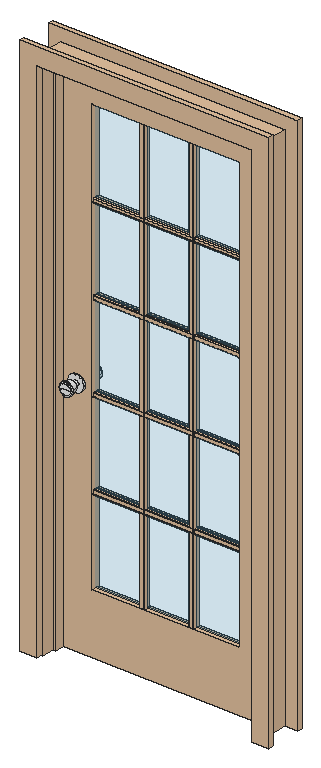
Revit family "M_Porta-Interna-Única-Vidro completo-Madeira", category Portas, Revit 2019
Family settings
  Hospedeiro = Parede
  Número OmniClass = 23.30.10.00
  Título OmniClass = Doors
  Sempre na vertical = Sim
  Corte com vazios quando carregada = Não
  Compartilhado = Não
  Ponto de cálculo do ambiente = Não
Parameters
  Visual Light Transmittance = 0
  Material da apara = Cerejeira
  Corrimão superior = 120 mm
  Espessura = 35 mm
  Resistência térmica (R) = 0.177906 (m²·K)/W
  Ângulo de abertura [instance] = 90.00°
  Estilos = 120 mm
  Solar Heat Gain Coefficient = 0
  Mostrar grelha [instance] = yes
  Rough Width = Width + 50 mm  # 850 mm
  Altura bruta = Altura + 25 mm  # 2025 mm
  Material do painel = Cerejeira
  Altura = 2000 mm
  Fechamento da parede = Por hospedeiro
  Width = 800 mm
  Coeficiente de transferência de calor (U) = 5.62148 W/(m²·K)
  Função = Interior
  Material da moldura = Cerejeira
  Material da maçaneta = Alumín. 1
  Corrimão inferior = 230 mm
  Código de montagem = "C1020300"
  Construção analítica = "Moldura de madeira com vidro claro simples"
Reference planes
  plane 1 "Centro (Frente/Trás)": y = 0
  plane 2 "Centro (Esquerda/Direita)": x = 0
  plane 3 "Esquerda": x = -425
  plane 4 "Direita": x = 425
  plane 5 "Superior": z = 2025
  plane 6 "Exterior": y = 53.975
  plane 7 "Interior": y = -60.325
  plane 8 "Painel esquerdo da porta": x = -400
  plane 9 "Painel direito da porta": x = 400
  plane 10 "Topo do painel": z = 2000
  plane 11: z = 0
  plane 12: z = 0
  plane 13: x = 418.65
  plane 14: y = 18.975
  plane 15: y = -15.95
  plane 16: x = 387.3
  plane 17: y = 18.975
  plane 18: z = 230
  plane 19: z = 1880
  plane 20: x = 280
  plane 21: x = -280
  plane 22: z = 1014.413
  plane 23: y = 32.975
  plane 24: y = 39.975
  plane 25: z = 914.4
  plane 26: y = 25.975
  plane 27: y = 46.975
  plane 28 "Vidro": y = 36.513
Forms (mm)
  Sweep 1, solid, material "Cerejeira" <- "Material da moldura"
    path origin (0, 0, 0) x (1, 0, 0) y (0, 0, 1)
      loop
        line (425, 0) -> (425, 2025) -> (-425, 2025) -> (-425, 0)
    profile origin (425, 0, 1012.5) x (-1, 0, 0) y (0, -1, 0)
      loop
        line (25, -53.975) -> (25, -18.975) -> (37.7, -18.975) -> (37.7, 15.95) -> (25, 15.95) -> (25, 60.325) -> (0, 60.325) -> (0, -53.975) -> (25, -53.975)
  Extrusion 2, solid, material "Cerejeira" <- "Material do painel"
    sketch origin (0, 0, 0) x (1, 0, 0) y (0, 0, 1)
      loop
        line (400, 2000) -> (-400, 2000) -> (-400, 0) -> (400, 0) -> (400, 2000)
      loop
        line (280, 1880) -> (-280, 1880) -> (-280, 230) -> (280, 230) -> (280, 1880)
    from -53.975 to -18.975
  Extrusion 3, solid, material "Vidro"
    sketch origin (0, 0, 0) x (1, 0, 0) y (0, 0, 1)
      loop
        line (280, 1880) -> (-280, 1880) -> (-280, 230) -> (280, 230) -> (280, 1880)
    from -39.975 to -32.975
  Sweep 4, solid, material "Cerejeira" <- "Material da apara", detail levels fine
    path origin (0, 53.975, 0) x (1, 0, 0) y (0, 0, 1)
      loop
        line (400, 0) -> (400, 2000) -> (-400, 2000) -> (-400, 0)
    profile "Perfil de caixa-plano : 20 x 65mm" origin (400, 53.975, 1000) x (-1, 0, 0) y (0, -1, 0)
      loop
        line (-6.35, -20) -> (-6.35, 0) -> (-71.35, 0) -> (-71.35, -20) -> (-6.35, -20)
  Sweep 5, solid, material "Cerejeira" <- "Material da apara", detail levels fine
    path origin (0, -60.325, 0) x (1, 0, 0) y (0, 0, 1)
      loop
        line (400, 0) -> (400, 2000) -> (-400, 2000) -> (-400, 0)
    profile "Perfil de caixa-plano : 20 x 65mm" origin (400, -60.325, 1000) x (-1, 0, 0) y (0, -1, 0)
      loop
        line (-6.35, 20) -> (-71.35, 20) -> (-71.35, 0) -> (-6.35, 0) -> (-6.35, 20)
Lines and regions (mm)
  Opening 1
    outline origin (-2286, -60.325, 0) x (1, 0, 0) y (0, 0, 1)
      loop
        line (1861, 0) -> (2711, 0) -> (2711, 2025) -> (1861, 2025) -> (1861, 0)
  Masking region 1, detail levels coarse+medium
    outline origin (0, 0, 0) x (1, 0, 0) y (0, 1, 0)
      loop
        line (-425, 53.975) -> (-425, -60.325) -> (-400, -60.325) -> (-400, 53.975) -> (-425, 53.975)
      loop
        line (425, 53.975) -> (400, 53.975) -> (400, -60.325) -> (425, -60.325) -> (425, 53.975)
  Masking region 2, detail levels fine
    outline origin (-25.4, 0, 0) x (1, 0, 0) y (0, 1, 0)
      loop
        line (-399.6, 53.975) -> (-399.6, -60.325) -> (-374.6, -60.325) -> (-374.6, -15.95) -> (-361.9, -15.95) -> (-361.9, 18.975) -> (-374.6, 18.975) -> (-374.6, 53.975) -> (-399.6, 53.975)
      loop
        line (450.4, 53.975) -> (425.4, 53.975) -> (425.4, 18.975) -> (412.7, 18.975) -> (412.7, -15.95) -> (425.4, -15.95) -> (425.4, -60.325) -> (450.4, -60.325) -> (450.4, 53.975)
  Masking region 3, detail levels fine
    outline origin (0, 0, 0) x (1, 0, 0) y (0, 1, 0)
      loop
        line (-471.35, 73.975) -> (-471.35, 53.975) -> (-406.35, 53.975) -> (-406.35, 73.975) -> (-471.35, 73.975)
      loop
        line (-471.35, -60.325) -> (-471.35, -80.325) -> (-406.35, -80.325) -> (-406.35, -60.325) -> (-471.35, -60.325)
      loop
        line (406.35, 73.975) -> (406.35, 53.975) -> (471.35, 53.975) -> (471.35, 73.975) -> (406.35, 73.975)
      loop
        line (406.35, -60.325) -> (406.35, -80.325) -> (471.35, -80.325) -> (471.35, -60.325) -> (406.35, -60.325)
  Masking region 4
    outline origin (0, 0, 0) x (0, 1, 0) y (0, 0, 1)
      loop
        line (53.975, 2025) -> (-60.325, 2025) -> (-60.325, 2018.65) -> (53.975, 2018.65) -> (53.975, 2025)
  symbolic lines, style "Giro da elevação"
    curve 1: line (-400, 53.975, 2000) -> (400, 53.975, 1000)
    curve 2: line (400, 53.975, 1000) -> (-400, 53.975, 0)
  model lines, style "DoorsGlassProjection"
    curve 3: line (280, 36.513, 1880) -> (280, 36.513, 230)
    curve 4: line (-280, 36.513, 1880) -> (-280, 36.513, 230)
Text (mm)
  text "Exterior" at (-1904.17, 693.701, 0), in view "Nível de referência"
  text "Interior" at (-1904.17, -638.649, 0), in view "Nível de referência"
  text "Exterior" at (0, 1019.848, 3124.603), in view "Direita"
  text "Interior" at (0, -1635.541, 3124.603), in view "Direita"
  text "Interior" at (0, -787.806, 3124.376), in view "Esquerda"
  text "Exterior" at (0, 1386.095, 3124.376), in view "Esquerda"
Dimensions and locks
  equal spacing: plane 3 "Esquerda", plane 2 "Centro (Esquerda/Direita)", plane 4 "Direita"
  "Altura bruta": level to plane 5 "Superior"
  equal spacing: plane 8 "Painel esquerdo da porta", plane 2 "Centro (Esquerda/Direita)", plane 9 "Painel direito da porta"
  "Width": plane 8 "Painel esquerdo da porta" to plane 9 "Painel direito da porta"
  "Altura": level to plane 10 "Topo do painel"
  plane 11 to plane 12 = 0 mm
  locked: plane 13 to plane 4 "Direita" at 6.35
  "Espessura": plane 14 to plane 6 "Exterior"
  locked: plane 14 to plane 15 at 34.925
  locked: plane 16 to plane 9 "Painel direito da porta" at 12.7
  "Espessura": plane 6 "Exterior" to plane 17
  "Rough Width": plane 3 "Esquerda" to plane 4 "Direita"
  "Corrimão superior": plane 19 to plane 10 "Topo do painel"
  "Estilos": plane 20 to plane 9 "Painel direito da porta"
  "Estilos": plane 8 "Painel esquerdo da porta" to plane 21
  locked: plane 12 to plane 25 at 914.4
  equal spacing: plane 12, curve 2, plane 10 "Topo do painel"
  equal spacing: plane 17, plane 26, plane 23, plane 24, plane 27, plane 6 "Exterior"
  "Corrimão inferior": plane 12 to plane 18
  plane 24 to plane 23 = 7 mm
  locked: Masking region 4 sketch curve to plane 5 "Superior" at 6.35
  aligned and locked: plane 3 "Esquerda" to Opening 1 sketch curve
  aligned and locked: plane 5 "Superior" to Opening 1 sketch curve  (x2)
  aligned and locked: Opening 1 sketch curve to plane 4 "Direita"
  aligned and locked: Opening 1 sketch curve to level
  aligned and locked: plane 6 "Exterior" to host wall
  aligned and locked: plane 7 "Interior" to host wall
  aligned and locked: plane 5 "Superior" to Sweep 1 sketch curve
  aligned and locked: plane 4 "Direita" to Sweep 1 sketch curve  (x2)
  aligned and locked: Sweep 1 sketch curve to plane 3 "Esquerda"
  aligned and locked: plane 11 to level
  aligned and locked: plane 11 to Sweep 1 sketch curve  (x2)
  aligned and locked: Sweep 1 sketch curve to plane 9 "Painel direito da porta"
  aligned and locked: Sweep 1 sketch curve to host wall
  aligned and locked: Sweep 1 sketch curve to plane 7 "Interior"
  aligned and locked: Sweep 1 sketch curve to plane 15
  aligned and locked: Sweep 1 sketch curve to plane 16
  aligned and locked: plane 14 to Sweep 1 sketch curve
  aligned and locked: Extrusion 2 sketch curve to plane 10 "Topo do painel"
  aligned and locked: Extrusion 2 sketch curve to plane 8 "Painel esquerdo da porta"
  aligned and locked: plane 9 "Painel direito da porta" to Extrusion 2 sketch curve
  aligned and locked: Extrusion 2 sketch curve to plane 12
  aligned and locked: Extrusion 2 to plane 17
  aligned and locked: Extrusion 2 to plane 6 "Exterior"
  aligned and locked: Extrusion 2 sketch curve to plane 19
  aligned and locked: Extrusion 2 sketch curve to plane 21
  aligned and locked: plane 20 to Extrusion 2 sketch curve
  aligned and locked: plane 18 to Extrusion 2 sketch curve
  aligned and locked: Extrusion 3 sketch curve to plane 19
  aligned and locked: plane 20 to Extrusion 3 sketch curve
  aligned and locked: Extrusion 3 sketch curve to plane 21
  aligned and locked: plane 18 to Extrusion 3 sketch curve
  aligned and locked: plane 24 to Extrusion 3
  aligned and locked: Extrusion 3 to plane 23
  aligned and locked: nested 1 to plane 9 "Painel direito da porta"
  aligned and locked: plane 6 "Exterior" to nested 1
  aligned and locked: nested 2 to plane 8 "Painel esquerdo da porta"
  aligned and locked: plane 6 "Exterior" to nested 2
  aligned and locked: plane 8 "Painel esquerdo da porta" to nested 3
  aligned and locked: nested 3 to plane 17
  aligned and locked: plane 9 "Painel direito da porta" to Sweep 4 sketch curve
  aligned and locked: Sweep 4 sketch curve to plane 8 "Painel esquerdo da porta"
  aligned and locked: Sweep 4 sketch curve to plane 10 "Topo do painel"
  aligned and locked: Sweep 5 sketch curve to plane 9 "Painel direito da porta"
  aligned and locked: plane 10 "Topo do painel" to Sweep 5 sketch curve
  aligned and locked: plane 8 "Painel esquerdo da porta" to Sweep 5 sketch curve
  aligned and locked: Masking region 1 sketch curve to plane 3 "Esquerda"
  aligned and locked: plane 8 "Painel esquerdo da porta" to Masking region 1 sketch curve
  aligned and locked: Masking region 1 sketch curve to plane 7 "Interior"
  aligned and locked: plane 6 "Exterior" to Masking region 1 sketch curve
  aligned and locked: plane 9 "Painel direito da porta" to Masking region 1 sketch curve
  aligned and locked: Masking region 1 sketch curve to plane 4 "Direita"
  aligned and locked: plane 7 "Interior" to Masking region 1 sketch curve
  aligned and locked: Masking region 1 sketch curve to plane 6 "Exterior"
  aligned and locked: plane 11 to Sweep 4 sketch curve  (x2)
  aligned and locked: plane 11 to Sweep 5 sketch curve  (x2)
  aligned and locked: plane 8 "Painel esquerdo da porta" to Masking region 2 sketch curve
  aligned and locked: Masking region 2 sketch curve to plane 3 "Esquerda"
  aligned and locked: Masking region 2 sketch curve to plane 7 "Interior"
  aligned and locked: plane 6 "Exterior" to Masking region 2 sketch curve
  aligned and locked: Masking region 2 sketch curve to nested 2  (x2)
  aligned and locked: Masking region 2 sketch curve to Sweep 1  (x3)
  aligned and locked: Masking region 3 sketch curve to Sweep 4  (x6)
  aligned and locked: Masking region 3 sketch curve to plane 6 "Exterior"  (x2)
  aligned and locked: plane 7 "Interior" to Masking region 3 sketch curve  (x2)
  aligned and locked: Masking region 3 sketch curve to Sweep 5  (x6)
  aligned and locked: Masking region 2 sketch curve to plane 4 "Direita"
  aligned and locked: plane 9 "Painel direito da porta" to Masking region 2 sketch curve  (x3)
  aligned and locked: plane 17 to Masking region 2 sketch curve
  aligned and locked: Sweep 1 to Masking region 2 sketch curve
  aligned and locked: nested 5 to plane 24
  aligned and locked: nested 4 to plane 23
  aligned and locked: nested 5 to plane 2 "Centro (Esquerda/Direita)"
  aligned and locked: plane 2 "Centro (Esquerda/Direita)" to nested 4
  aligned and locked: plane 5 "Superior" to Masking region 4 sketch curve
  aligned and locked: plane 6 "Exterior" to Masking region 4 sketch curve
  aligned and locked: Masking region 4 sketch curve to plane 7 "Interior"
  aligned and locked: plane 18 to curve 3
  aligned and locked: plane 18 to curve 4
  aligned and locked: plane 19 to curve 3
  aligned and locked: plane 19 to curve 4
  aligned and locked: curve 3 to plane 20
  aligned and locked: curve 4 to plane 21
Automatic sketch dimensions
  plane 16 to Sweep 1 sketch curve = 12.7 mm
  curve 2 to level = 0 mm
  plane 8 "Painel esquerdo da porta" to curve 2 = 0 mm
  plane 8 "Painel esquerdo da porta" to curve 1 = 0 mm
  plane 9 "Painel direito da porta" to curve 2 = 0 mm
  curve 1 to plane 10 "Topo do painel" = 0 mm
  host wall to Masking region 2 sketch curve = 0 mm
  Masking region 2 sketch curve to plane 17 = 0 mm
  Masking region 2 sketch curve to host wall = 0 mm
Nested families
  nested 1: "Porta com abertura única" at (400, 53.975, 0), Ângulo de abertura <- "Ângulo de abertura", type "Único"
    with Abertura visível yes, Ângulo de abertura 90.00°, Ângulo real 90.00°, Width 800 mm, Espessura 35 mm
  nested 2: "M_Maçaneta residencial" at (-400, 53.975, 914.4), type "Padrão", detail levels fine
  nested 3: "M_Maçaneta residencial" at (-400, 18.975, 914.4), type "Padrão", detail levels fine
  nested 4: "Grelha da porta" at (3.324, 32.975, 0), visible <- "Mostrar grelha", type "Grelha da porta"
    with Width 800 mm, Largura da vidraça 560 mm
  nested 5: "Grelha da porta" at (3.324, 39.975, 0), visible <- "Mostrar grelha", type "Grelha da porta"
    with Width 800 mm, Largura da vidraça 560 mm
Definition of nested family "M_Maçaneta residencial"
  Parameters (values of type "Padrão")
    Manufacturer = ""
    Material = none
    Handle Z Distance = 0 mm
    Handle X Distance = 65 mm
    Analytic Construction = "<Nenhum>"
  Reference planes
    plane 1 "Centro (Frente/Trás)": y = 0
    plane 2: z = 0
    plane 3 "Centro (Esquerda/Direita)": x = 0
    plane 4: z = 0
    plane 5: x = 65
  Forms (mm)
    Extrusion 1, solid, material <- "Material"
      sketch origin (0, 0, 0) x (1, 0, 0) y (0, 0, 1)
        loop
          circle (65, 0) r 30
      from 0 to -6
    Revolve 2, solid, material <- "Material"
      sketch origin (0, 0, 0) x (0, -1, 0) y (1, 0, 0)
        loop
          line (-25, 55) -> (-6, 55) -> (-6, 65) -> (-55, 65) -> (-55, 44.524) -> (-53.172, 40) -> (-49.708, 40) -> (-25, 46.364) -> (-25, 55)
        axis (-6, 65) -> (-55, 65)
      angle from 0 to 360
  Dimensions and locks
    "Handle Z Distance": plane 4 to level
    "Handle X Distance": plane 5 to plane 3 "Centro (Esquerda/Direita)"
  Automatic sketch dimensions
    Extrusion 1 sketch curve to plane 4 = 0 mm
    Extrusion 1 sketch curve to plane 5 = 0 mm
    Revolve 2 sketch curve to plane 5 = 0 mm  (x2)
    Revolve 2 sketch curve to plane 1 "Centro (Frente/Trás)" = 66 mm
    Revolve 2 sketch curve to Revolve 2 sketch curve = 11 mm
    Revolve 2 sketch curve to Revolve 2 sketch curve = 1.828 mm
    Revolve 2 sketch curve to Revolve 2 sketch curve = 3.464 mm
    Revolve 2 sketch curve to plane 1 "Centro (Frente/Trás)" = 25 mm
    Revolve 2 sketch curve to plane 1 "Centro (Frente/Trás)" = 6 mm
    Revolve 2 sketch curve to Revolve 2 sketch curve = 0 mm
    Revolve 2 sketch curve to Revolve 2 sketch curve = 10 mm
    Revolve 2 sketch curve to Revolve 2 sketch curve = 8.636 mm
    Revolve 2 sketch curve to Revolve 2 sketch curve = 20.476 mm
    Revolve 2 sketch curve to Revolve 2 sketch curve = 4.524 mm
    radius of Extrusion 1 sketch curve = 30 mm
Definition of nested family "Grelha da porta"
  Parameters (values of type "Grelha da porta")
    Width = 760 mm
    Deslocamento vertical = Corrimão inferior + [Sub-corte]  # 230 mm
    Sub-corte = 0 mm
    Corrimão superior = 120 mm
    Estilos = 120 mm
    Material do montante secundário = none
    Manufacturer = ""
    Height = 2000 mm
    Largura da vidraça = Width - (2 * Estilos)  # 520 mm
    Altura da vidraça = Height - (Corrimão inferior + [Sub-corte] + Corrimão superior)  # 1650 mm
    Corrimão inferior = 230 mm
    Analytic Construction = "<Nenhum>"
    Leve largo 3 = Largura da vidraça > 450 mm  # yes
    Leve largo 2 = not(Leve largo 3)  # no
  Reference planes
    plane 1 "Centro (Frente/Trás)": y = 0
    plane 2: z = 0
    plane 3 "Centro (Esquerda/Direita)": x = -3.324
    plane 4: z = 230
    plane 5: z = 1880
    plane 6: x = 256.676
    plane 7: x = -263.324
    plane 8: z = 890
    plane 9: z = 1220
    plane 10: z = 1550
    plane 11: z = 560
    plane 12: x = 83.343
    plane 13: x = -89.99
  Forms (mm)
    Sweep 1, solid, material <- "Material do montante secundário", visible <- "Leve largo 3", detail levels medium+fine
      path origin (0, 0, 0) x (1, 0, 0) y (0, 0, 1)
        loop
          line (-89.99, 230) -> (-89.99, 1880)
      profile "Perfil_Montante secundário : M_Perfil_Montante secundário" origin (-89.99, 0, 1055) x (-1, 0, 0) y (0, -1, 0)
        loop
          line (-9.525, 0) -> (9.525, 0) -> (9.525, 6.35) -> (6.35, 9.525) -> (-6.35, 9.525) -> (-9.525, 6.35) -> (-9.525, 0)
    Sweep 2, solid, material <- "Material do montante secundário", visible <- "Leve largo 3", detail levels medium+fine
      path origin (237.067, 0, 0) x (1, 0, 0) y (0, 0, 1)
        loop
          line (-153.724, 230) -> (-153.724, 1880)
      profile "Perfil_Montante secundário : M_Perfil_Montante secundário" origin (83.343, 0, 1055) x (-1, 0, 0) y (0, -1, 0)
        loop
          line (-9.525, 0) -> (9.525, 0) -> (9.525, 6.35) -> (6.35, 9.525) -> (-6.35, 9.525) -> (-9.525, 6.35) -> (-9.525, 0)
    Sweep 3, solid, material <- "Material do montante secundário", detail levels medium+fine
      path in 3D
        loop
          line (-263.324, 0, 560) -> (256.676, 0, 560)
      profile "Perfil_Montante secundário : M_Perfil_Montante secundário" origin (-3.324, 0, 560) x (0, 0, 1) y (0, -1, 0)
        loop
          line (-9.525, 0) -> (9.525, 0) -> (9.525, 6.35) -> (6.35, 9.525) -> (-6.35, 9.525) -> (-9.525, 6.35) -> (-9.525, 0)
    Sweep 4, solid, material <- "Material do montante secundário", visible <- "Leve largo 2", detail levels medium+fine
      path origin (118.533, 0, 0) x (1, 0, 0) y (0, 0, 1)
        loop
          line (-121.857, 230) -> (-121.857, 1880)
      profile "Perfil_Montante secundário : M_Perfil_Montante secundário" origin (-3.324, 0, 1055) x (-1, 0, 0) y (0, -1, 0)
        loop
          line (-9.525, 0) -> (9.525, 0) -> (9.525, 6.35) -> (6.35, 9.525) -> (-6.35, 9.525) -> (-9.525, 6.35) -> (-9.525, 0)
    Sweep 5, solid, material <- "Material do montante secundário", detail levels medium+fine
      path origin (0, 0, 0) x (1, 0, 0) y (0, 0, 1)
        loop
          line (-263.324, 890) -> (256.676, 890)
      profile "Perfil_Montante secundário : M_Perfil_Montante secundário" origin (-3.324, 0, 890) x (0, 0, 1) y (0, -1, 0)
        loop
          line (-9.525, 0) -> (9.525, 0) -> (9.525, 6.35) -> (6.35, 9.525) -> (-6.35, 9.525) -> (-9.525, 6.35) -> (-9.525, 0)
    Sweep 6, solid, material <- "Material do montante secundário", detail levels medium+fine
      path origin (0, 0, 0) x (1, 0, 0) y (0, 0, 1)
        loop
          line (-263.324, 1220) -> (256.676, 1220)
      profile "Perfil_Montante secundário : M_Perfil_Montante secundário" origin (-3.324, 0, 1220) x (0, 0, 1) y (0, -1, 0)
        loop
          line (-9.525, 0) -> (9.525, 0) -> (9.525, 6.35) -> (6.35, 9.525) -> (-6.35, 9.525) -> (-9.525, 6.35) -> (-9.525, 0)
    Sweep 7, solid, material <- "Material do montante secundário", detail levels medium+fine
      path origin (0, 0, 0) x (1, 0, 0) y (0, 0, 1)
        loop
          line (-263.324, 1550) -> (256.676, 1550)
      profile "Perfil_Montante secundário : M_Perfil_Montante secundário" origin (-3.324, 0, 1550) x (0, 0, 1) y (0, -1, 0)
        loop
          line (-9.525, 0) -> (9.525, 0) -> (9.525, 6.35) -> (6.35, 9.525) -> (-6.35, 9.525) -> (-9.525, 6.35) -> (-9.525, 0)
  Lines and regions (mm)
    model lines, visible <- "Leve largo 3", detail levels coarse
      curve 1: line (-89.99, 0, 1880) -> (-89.99, 0, 230)
      curve 2: line (83.343, 0, 230) -> (83.343, 0, 1880)
    model lines, detail levels coarse
      curve 3: line (-263.324, 0, 560) -> (256.676, 0, 560)
      curve 4: line (-263.324, 0, 890) -> (256.676, 0, 890)
      curve 5: line (-263.324, 0, 1220) -> (256.676, 0, 1220)
      curve 6: line (-263.324, 0, 1550) -> (256.676, 0, 1550)
    sketch lines
      curve 7: line (-263.324, 0, 560) -> (256.676, 0, 560)
    model lines, visible <- "Leve largo 2", detail levels coarse
      curve 8: line (-3.324, 0, 1880) -> (-3.324, 0, 230)
    symbolic lines
      curve 9: line (-263.324, 0, 230) -> (256.676, 0, 230)
  Dimensions and locks
    equal spacing: plane 6, plane 3 "Centro (Esquerda/Direita)", plane 7
    "Largura da vidraça": plane 6 to plane 7
    "Altura da vidraça": plane 5 to plane 4
    "Deslocamento vertical": plane 4 to plane 2
    equal spacing: plane 6, plane 12, plane 13, plane 7
    equal spacing: plane 5, plane 10, plane 9, plane 8, plane 11, plane 4
    aligned and locked: plane 13 to Sweep 1 sketch curve
    aligned and locked: plane 5 to Sweep 1 sketch curve
    aligned and locked: plane 4 to Sweep 1 sketch curve
    aligned and locked: plane 12 to Sweep 2 sketch curve
    aligned and locked: plane 5 to Sweep 2 sketch curve
    aligned and locked: plane 4 to Sweep 2 sketch curve
    aligned and locked: curve 1 to plane 13
    aligned and locked: plane 12 to curve 2
    aligned and locked: plane 5 to curve 2
    aligned and locked: plane 5 to curve 1
    aligned and locked: plane 4 to curve 2
    aligned and locked: plane 4 to curve 1
    aligned and locked: curve 6 to plane 10
    aligned and locked: curve 5 to plane 9
    aligned and locked: curve 4 to plane 8
    aligned and locked: curve 3 to plane 11
    aligned and locked: plane 6 to curve 3
    aligned and locked: plane 6 to curve 4
    aligned and locked: plane 6 to curve 5
    aligned and locked: plane 6 to curve 6
    aligned and locked: plane 7 to curve 6
    aligned and locked: plane 7 to curve 5
    aligned and locked: plane 7 to curve 4
    aligned and locked: plane 7 to curve 3
    aligned and locked: plane 3 "Centro (Esquerda/Direita)" to Sweep 4 sketch curve
    aligned and locked: plane 5 to Sweep 4 sketch curve
    aligned and locked: plane 4 to Sweep 4 sketch curve
    aligned and locked: curve 8 to plane 3 "Centro (Esquerda/Direita)"
    aligned and locked: plane 4 to curve 8
    aligned and locked: plane 5 to curve 8
    aligned and locked: Sweep 5 sketch curve to plane 8
    aligned and locked: plane 7 to Sweep 5 sketch curve
    aligned and locked: plane 6 to Sweep 5 sketch curve
    aligned and locked: plane 7 to Sweep 6 sketch curve
    aligned and locked: plane 6 to Sweep 6 sketch curve
    aligned and locked: Sweep 6 sketch curve to plane 9
    aligned and locked: plane 7 to Sweep 7 sketch curve
    aligned and locked: plane 6 to Sweep 7 sketch curve
    aligned and locked: Sweep 7 sketch curve to plane 10
    aligned and locked: plane 1 "Centro (Frente/Trás)" to curve 9
    aligned and locked: plane 7 to curve 9
    aligned and locked: plane 6 to curve 9
Definition of nested family "Porta com abertura única"
  Parameters (values of type "Único")
    Width = 900 mm
    Thickness = 45 mm
    Abertura visível [instance] = Ângulo de abertura > 1.00°  # yes
    Ângulo de abertura [instance] = 45.00°
    Assembly Code = ""
    Analytic Construction = "<Nenhum>"
    Ângulo real [instance] = if(Ângulo de abertura < 1.00°, 1.00°, Ângulo de abertura)  # 45.00°
  Reference planes
    plane 1 "Centro (Frente/Trás)": y = 0
    plane 2: z = 0
    plane 3 "Centro (Esquerda/Direita)": x = 0
    plane 4: x = -900
  Lines and regions (mm)
    Masking region 1
      outline origin (0, 0, 0) x (-0.707107, 0.707107, 0) y (-0.707107, -0.707107, 0)
        loop
          line (0, 0) -> (900, 0) -> (900, 45) -> (0, 45) -> (0, 0)
    symbolic lines
      curve 1: line (0, 0, 0) -> (-900, 0, 0)
    symbolic lines, visible <- "Abertura visível"
      curve 2: arc (-900, 0, 0) -> (-831.492, 344.415, 0) -> (-636.396, 636.396, 0) r 900
    reference lines
      curve 3: line (0, 0, 0) -> (-636.396, 636.396, 0)
    model lines
      curve 4: line (0, 0, 0) -> (0, 0, 25.4)
  Dimensions and locks
    "Width": plane 4 to plane 3 "Centro (Esquerda/Direita)"
    locked: curve 2 to plane 3 "Centro (Esquerda/Direita)"
    locked: curve 2 to plane 1 "Centro (Frente/Trás)"
    "Width": curve 3 to curve 3
    "Thickness": Masking region 1 sketch curve to Masking region 1 sketch curve
    locked: curve 4 to plane 2 at 25.4
    "Width": radius of curve 2
    "Ângulo real": angle curve 2 to curve 2
    "Ângulo de abertura": angle curve 3 to plane 1 "Centro (Frente/Trás)"
    aligned and locked: curve 1 to plane 1 "Centro (Frente/Trás)"
    aligned and locked: plane 3 "Centro (Esquerda/Direita)" to curve 1
    aligned and locked: plane 3 "Centro (Esquerda/Direita)" to curve 3
    aligned and locked: plane 1 "Centro (Frente/Trás)" to curve 3
    aligned and locked: curve 3 to Masking region 1 sketch curve
    aligned and locked: Masking region 1 sketch curve to curve 3  (x2)
    aligned and locked: plane 3 "Centro (Esquerda/Direita)" to curve 4
    aligned and locked: plane 2 to curve 4
Types in the file's own list only (30): name | Transmissão de luz visual | Resistência térmica (R) | Coeficiente de ganho de calor solar | Largura bruta | Altura bruta | Altura | Largura | Coeficiente de transferência de calor (U)
  450 x 2000mm | 0 | 0.1779 (m²·K)/W | 0 | 500 mm | 2025 mm | 2000 mm | 450 mm | 5.6215 W/(m²·K)
  500 x 2000mm | 0 | 0.1779 (m²·K)/W | 0 | 550 mm | 2025 mm | 2000 mm | 500 mm | 5.6215 W/(m²·K)
  550 x 2000mm | 0 | 0.1779 (m²·K)/W | 0 | 600 mm | 2025 mm | 2000 mm | 550 mm | 5.6215 W/(m²·K)
  600 x 2000mm | 0 | 0.1779 (m²·K)/W | 0 | 650 mm | 2025 mm | 2000 mm | 600 mm | 5.6215 W/(m²·K)
  650 x 2000mm | 0 | 0.1779 (m²·K)/W | 0 | 700 mm | 2025 mm | 2000 mm | 650 mm | 5.6215 W/(m²·K)
  700 x 2000mm | 0 | 0.1779 (m²·K)/W | 0 | 750 mm | 2025 mm | 2000 mm | 700 mm | 5.6215 W/(m²·K)
  750 x 2000mm | 0 | 0.1779 (m²·K)/W | 0 | 800 mm | 2025 mm | 2000 mm | 750 mm | 5.6215 W/(m²·K)
  800 x 2000mm | 0 | 0.1779 (m²·K)/W | 0 | 850 mm | 2025 mm | 2000 mm | 800 mm | 5.6215 W/(m²·K)
  850 x 2000mm | 0 | 0.1779 (m²·K)/W | 0 | 900 mm | 2025 mm | 2000 mm | 850 mm | 5.6215 W/(m²·K)
  900 x 2000mm | 0 | 0.1779 (m²·K)/W | 0 | 950 mm | 2025 mm | 2000 mm | 900 mm | 5.6215 W/(m²·K)
  450 x 2100mm | 0 | 0.1779 (m²·K)/W | 0 | 500 mm | 2125 mm | 2100 mm | 450 mm | 5.6215 W/(m²·K)
  500 x 2100mm | 0 | 0.1779 (m²·K)/W | 0 | 550 mm | 2125 mm | 2100 mm | 500 mm | 5.6215 W/(m²·K)
  550 x 2100mm | 0 | 0.1779 (m²·K)/W | 0 | 600 mm | 2125 mm | 2100 mm | 550 mm | 5.6215 W/(m²·K)
  600 x 2100mm | 0 | 0.1779 (m²·K)/W | 0 | 650 mm | 2125 mm | 2100 mm | 600 mm | 5.6215 W/(m²·K)
  650 x 2100mm | 0 | 0.1779 (m²·K)/W | 0 | 700 mm | 2125 mm | 2100 mm | 650 mm | 5.6215 W/(m²·K)
  700 x 2100mm | 0 | 0.1779 (m²·K)/W | 0 | 750 mm | 2125 mm | 2100 mm | 700 mm | 5.6215 W/(m²·K)
  750 x 2100mm | 0 | 0.1779 (m²·K)/W | 0 | 800 mm | 2125 mm | 2100 mm | 750 mm | 5.6215 W/(m²·K)
  800 x 2100mm | 0 | 0.1779 (m²·K)/W | 0 | 850 mm | 2125 mm | 2100 mm | 800 mm | 5.6215 W/(m²·K)
  850 x 2100mm | 0 | 0.1779 (m²·K)/W | 0 | 900 mm | 2125 mm | 2100 mm | 850 mm | 5.6215 W/(m²·K)
  900 x 2100mm | 0 | 0.1779 (m²·K)/W | 0 | 950 mm | 2125 mm | 2100 mm | 900 mm | 5.6215 W/(m²·K)
  450 x 2400mm | 0 | 0.1779 (m²·K)/W | 0 | 500 mm | 2425 mm | 2400 mm | 450 mm | 5.6215 W/(m²·K)
  500 x 2400mm | 0 | 0.1779 (m²·K)/W | 0 | 550 mm | 2425 mm | 2400 mm | 500 mm | 5.6215 W/(m²·K)
  550 x 2400mm | 0 | 0.1779 (m²·K)/W | 0 | 600 mm | 2425 mm | 2400 mm | 550 mm | 5.6215 W/(m²·K)
  600 x 2400mm | 0 | 0.1779 (m²·K)/W | 0 | 650 mm | 2425 mm | 2400 mm | 600 mm | 5.6215 W/(m²·K)
  650 x 2400mm | 0 | 0.1779 (m²·K)/W | 0 | 700 mm | 2425 mm | 2400 mm | 650 mm | 5.6215 W/(m²·K)
  700 x 2400mm | 0 | 0.1779 (m²·K)/W | 0 | 750 mm | 2425 mm | 2400 mm | 700 mm | 5.6215 W/(m²·K)
  750 x 2400mm | 0 | 0.1779 (m²·K)/W | 0 | 800 mm | 2425 mm | 2400 mm | 750 mm | 5.6215 W/(m²·K)
  800 x 2400mm | 0 | 0.1779 (m²·K)/W | 0 | 850 mm | 2425 mm | 2400 mm | 800 mm | 5.6215 W/(m²·K)
  850 x 2400mm | 0 | 0.1779 (m²·K)/W | 0 | 900 mm | 2425 mm | 2400 mm | 850 mm | 5.6215 W/(m²·K)
  900 x 2400mm | 0 | 0.1779 (m²·K)/W | 0 | 950 mm | 2425 mm | 2400 mm | 900 mm | 5.6215 W/(m²·K)
